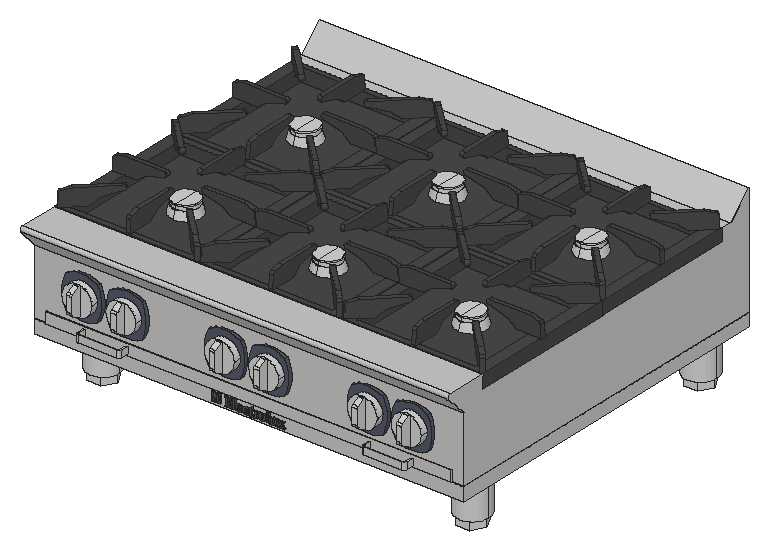
Revit family "QF_ELECTROLUXPROFESSIONAL_169132_ACG36T", category Specialty Equipment, Revit 2018 (continued)
Forms (in)
  Extrusion 88, solid, material "QF_Finishes_Handrails and Railings"
    sketch origin (36, -0.08156, 0) x (0, 1, 0) y (0, 0, -1)
      loop
        line (-30.7208, -9.61954) -> (-30.63924, -9.61954) -> (-30.63924, -7.31125) -> (-30.7208, -7.31125) -> (-31.27282, -7.62384)
        arc (-31.27282, -7.62384) -> (-31.37661, -7.72631) -> (-31.41471, -7.86711) r 0.27972
        line (-31.41471, -7.86711) -> (-31.41533, -9.12681)
        arc (-31.41533, -9.12681) -> (-31.39236, -9.21203) -> (-31.32961, -9.27409) r 0.16924
        line (-31.32961, -9.27409) -> (-30.7208, -9.61954)
    from 7.63866 to 8.09484
  Extrusion 89, solid, material "QF_Finishes_Stainless Steel"
    sketch origin (24, 0, 0) x (1, 0, 0) y (0, 1, 0)
      loop
        line (4.14807, -30.06107) -> (4.14807, -30.63839)
        arc (4.14807, -30.63839) -> (4.2213, -30.81517) -> (4.39807, -30.88839) r 0.25
        line (4.39807, -30.88839) -> (7.60673, -30.88839)
        arc (7.60673, -30.88839) -> (7.78351, -30.81517) -> (7.85673, -30.63839) r 0.25
        line (7.85673, -30.63839) -> (7.85673, -30.06107) -> (7.73173, -30.06107) -> (7.73173, -30.63839)
        arc (7.73173, -30.63839) -> (7.69512, -30.72678) -> (7.60673, -30.76339) r 0.125
        line (7.60673, -30.76339) -> (4.39807, -30.76339)
        arc (4.39807, -30.76339) -> (4.30968, -30.72678) -> (4.27307, -30.63839) r 0.125
        line (4.27307, -30.63839) -> (4.27307, -30.06107) -> (4.14807, -30.06107)
    from 5.46007 to 6.02609
  Extrusion 90, solid, material "QF_Finishes_Black"
    sketch origin (39.03247, -15.61547, 0.87587) x (0, -1, 0) y (0, 0, 1)
      loop
        line (11.03315, 13.42509) -> (7.66123, 13.42509)
        arc (7.66123, 13.42509) -> (7.46568, 13.25445) -> (7.60826, 13.03759) r 0.19737
        line (7.60826, 13.03759) -> (9.18152, 12.59928) -> (9.9716, 12) -> (12.01256, 12) -> (11.95626, 13.03934)
        arc (11.95626, 13.03934) -> (11.91054, 13.15724) -> (11.80402, 13.2254) r 0.20358
        line (11.80402, 13.2254) -> (11.03315, 13.42509)
    from 8.86514 to 9.19979
  Extrusion 91, solid, material "QF_Finishes_Black"
    sketch origin (39.03247, -27.61547, 0.87587) x (0, 1, 0) y (0, 0, -1)
      loop
        line (11.03315, -13.42509) -> (11.80402, -13.2254)
        arc (11.80402, -13.2254) -> (11.91054, -13.15724) -> (11.95626, -13.03934) r 0.20358
        line (11.95626, -13.03934) -> (12.01256, -12) -> (9.9716, -12) -> (9.18152, -12.59928) -> (7.60826, -13.03759)
        arc (7.60826, -13.03759) -> (7.46568, -13.25445) -> (7.66123, -13.42509) r 0.19737
        line (7.66123, -13.42509) -> (11.03315, -13.42509)
    from 8.86514 to 9.19979
  Extrusion 92, solid, material "QF_Finishes_Black"
    sketch origin (39.03247, -3.03247, 0.87587) x (0, -1, 0) y (0, 0, 1)
      loop
        line (11.03315, 13.42509) -> (7.66123, 13.42509)
        arc (7.66123, 13.42509) -> (7.46568, 13.25445) -> (7.60826, 13.03759) r 0.19737
        line (7.60826, 13.03759) -> (9.18152, 12.59928) -> (9.9716, 12) -> (12.01256, 12) -> (11.95626, 13.03934)
        arc (11.95626, 13.03934) -> (11.91054, 13.15724) -> (11.80402, 13.2254) r 0.20358
        line (11.80402, 13.2254) -> (11.03315, 13.42509)
    from 8.86514 to 9.19979
  Extrusion 93, solid, material "QF_Finishes_Black"
    sketch origin (39.03247, -15.03247, 0.87587) x (0, 1, 0) y (0, 0, -1)
      loop
        line (11.03315, -13.42509) -> (11.80402, -13.2254)
        arc (11.80402, -13.2254) -> (11.91054, -13.15724) -> (11.95626, -13.03934) r 0.20358
        line (11.95626, -13.03934) -> (12.01256, -12) -> (9.9716, -12) -> (9.18152, -12.59928) -> (7.60826, -13.03759)
        arc (7.60826, -13.03759) -> (7.46568, -13.25445) -> (7.66123, -13.42509) r 0.19737
        line (7.66123, -13.42509) -> (11.03315, -13.42509)
    from 8.86514 to 9.19979
Lines and regions (in)
  symbolic lines
    curve 1: line (0, -31.49359, 0) -> (36, -31.49359, 0)
    curve 2: line (0, 0, 0) -> (0, -31.49359, 0)
    curve 3: line (36, 0, 0) -> (0, 0, 0)
    curve 4: line (36, -31.49359, 0) -> (36, 0, 0)
    curve 5: line (36, -1.88863, 0) -> (0, -1.88863, 0)
    curve 6: line (36, -2.73705, 0) -> (0, -2.73705, 0)
    curve 7: line (36, -15.30609, 0) -> (0, -15.30609, 0)
    curve 8: line (36, -27.90964, 0) -> (0, -27.90964, 0)
    curve 9: line (3.36344, -18.46325, 0) -> (0.26473, -15.36454, 0)
    curve 10: line (0.0281, -15.60117, 0) -> (3.12681, -18.69988, 0)
    curve 11: line (0.72065, -16.29371, 0) -> (0.95728, -16.05708, 0)
    curve 12: line (0.0281, -15.60117, 0) -> (0.26473, -15.36454, 0)
    curve 13: line (5.83268, -16.58232, 0) -> (6.16732, -16.58232, 0)
    curve 14: line (5.83268, -15.60291, 0) -> (6.16732, -15.60291, 0)
    curve 15: line (6.16732, -19.98486, 0) -> (6.16732, -15.60291, 0)
    curve 16: line (5.83268, -15.60291, 0) -> (5.83268, -19.98486, 0)
    curve 17: line (11.73527, -15.36454, 0) -> (8.6342, -18.4656, 0)
    curve 18: line (11.04272, -16.05708, 0) -> (11.27935, -16.29371, 0)
    curve 19: line (11.73527, -15.36454, 0) -> (11.9719, -15.60117, 0)
    curve 20: line (8.87083, -18.70223, 0) -> (11.9719, -15.60117, 0)
    curve 21: line (12.01256, -21.44815, 0) -> (7.62845, -21.44815, 0)
    curve 22: line (7.62845, -21.78279, 0) -> (12.01256, -21.78279, 0)
    curve 23: line (11.03315, -21.44815, 0) -> (11.03315, -21.78279, 0)
    curve 24: line (11.27935, -26.93723, 0) -> (11.04272, -27.17386, 0)
    curve 25: line (11.9719, -27.62978, 0) -> (8.87497, -24.53285, 0)
    curve 26: line (8.63834, -24.76948, 0) -> (11.73527, -27.86641, 0)
    curve 27: line (11.9719, -27.62978, 0) -> (11.73527, -27.86641, 0)
    curve 28: line (6.16732, -27.62803, 0) -> (6.16732, -23.25938, 0)
    curve 29: line (6.16732, -26.64862, 0) -> (5.83268, -26.64862, 0)
    curve 30: line (5.83268, -23.25938, 0) -> (5.83268, -27.62803, 0)
    curve 31: line (6.16732, -27.62803, 0) -> (5.83268, -27.62803, 0)
    curve 32: line (0.26473, -27.86641, 0) -> (3.37409, -24.75704, 0)
    curve 33: line (3.13746, -24.52041, 0) -> (0.0281, -27.62978, 0)
    curve 34: line (0.95728, -27.17386, 0) -> (0.72065, -26.93723, 0)
    curve 35: line (0.26473, -27.86641, 0) -> (0.0281, -27.62978, 0)
    curve 36: line (-0.01256, -21.78279, 0) -> (4.37462, -21.78279, 0)
    curve 37: line (4.37462, -21.44815, 0) -> (-0.01256, -21.44815, 0)
    curve 38: line (0.96685, -21.78279, 0) -> (0.96685, -21.44815, 0)
    curve 39: arc (7.62845, -21.44815, 0) -> (7.46113, -21.61547, 0) -> (7.62845, -21.78279, 0) r 0.16732
    curve 40: arc (8.6342, -18.4656, 0) -> (8.6342, -18.70223, 0) -> (8.87083, -18.70223, 0) r 0.16732
    curve 41: arc (5.83268, -19.98486, 0) -> (6, -20.15219, 0) -> (6.16732, -19.98486, 0) r 0.16732
    curve 42: arc (3.12681, -18.69988, 0) -> (3.36344, -18.69988, 0) -> (3.36344, -18.46325, 0) r 0.16732
    curve 43: arc (4.37462, -21.78279, 0) -> (4.54194, -21.61547, 0) -> (4.37462, -21.44815, 0) r 0.16732
    curve 44: arc (3.37409, -24.75704, 0) -> (3.37409, -24.52041, 0) -> (3.13746, -24.52041, 0) r 0.16732
    curve 45: arc (6.16732, -23.25938, 0) -> (6, -23.09206, 0) -> (5.83268, -23.25938, 0) r 0.16732
    curve 46: arc (8.87497, -24.53285, 0) -> (8.63834, -24.53285, 0) -> (8.63834, -24.76948, 0) r 0.16732
    curve 47: line (1.00352, -15.83627, 0) -> (1.00352, -16.10333, 0)
    curve 48: line (1.00352, -15.83627, 0) -> (5.83268, -15.83627, 0)
    curve 49: line (11.02362, -15.83627, 0) -> (6.16732, -15.83627, 0)
    curve 50: line (11.02362, -15.83627, 0) -> (11.02362, -16.07618, 0)
    curve 51: line (11.02362, -16.54944, 0) -> (11.02362, -21.44815, 0)
    curve 52: line (11.02362, -21.78279, 0) -> (11.02362, -26.6815, 0)
    curve 53: line (11.02362, -27.15476, 0) -> (11.02362, -27.39926, 0)
    curve 54: line (11.02362, -27.39926, 0) -> (6.16732, -27.39926, 0)
    curve 55: line (1.00352, -27.39926, 0) -> (5.83268, -27.39926, 0)
    curve 56: line (1.00352, -27.39926, 0) -> (1.00352, -27.12761, 0)
    curve 57: line (1.00352, -26.65435, 0) -> (1.00352, -21.78279, 0)
    curve 58: line (1.00352, -21.44815, 0) -> (1.00352, -16.57659, 0)
    curve 59: line (36, -15.3406, 0) -> (0, -15.3406, 0)
    curve 60: line (3.36344, -5.89421, 0) -> (0.26473, -2.7955, 0)
    curve 61: line (0.0281, -3.03213, 0) -> (3.12681, -6.13084, 0)
    curve 62: line (0.72065, -3.72468, 0) -> (0.95728, -3.48805, 0)
    curve 63: line (0.0281, -3.03213, 0) -> (0.26473, -2.7955, 0)
    curve 64: line (5.83268, -4.01328, 0) -> (6.16732, -4.01328, 0)
    curve 65: line (5.83268, -3.03387, 0) -> (6.16732, -3.03387, 0)
    curve 66: line (6.16732, -7.41582, 0) -> (6.16732, -3.03387, 0)
    curve 67: line (5.83268, -3.03387, 0) -> (5.83268, -7.41582, 0)
    curve 68: line (11.73527, -2.7955, 0) -> (8.6342, -5.89656, 0)
    curve 69: line (11.04272, -3.48805, 0) -> (11.27935, -3.72468, 0)
    curve 70: line (11.73527, -2.7955, 0) -> (11.9719, -3.03213, 0)
    curve 71: line (8.87083, -6.1332, 0) -> (11.9719, -3.03213, 0)
    curve 72: line (12.01256, -8.87911, 0) -> (7.62845, -8.87911, 0)
    curve 73: line (7.62845, -9.21376, 0) -> (12.01256, -9.21376, 0)
    curve 74: line (11.03315, -8.87911, 0) -> (11.03315, -9.21376, 0)
    curve 75: line (11.27935, -14.36819, 0) -> (11.04272, -14.60482, 0)
    curve 76: line (11.9719, -15.06074, 0) -> (8.87497, -11.96381, 0)
    curve 77: line (8.63834, -12.20044, 0) -> (11.73527, -15.29737, 0)
    curve 78: line (11.9719, -15.06074, 0) -> (11.73527, -15.29737, 0)
    curve 79: line (6.16732, -15.059, 0) -> (6.16732, -10.69035, 0)
    curve 80: line (6.16732, -14.07958, 0) -> (5.83268, -14.07958, 0)
    curve 81: line (5.83268, -10.69035, 0) -> (5.83268, -15.059, 0)
    curve 82: line (6.16732, -15.059, 0) -> (5.83268, -15.059, 0)
    curve 83: line (0.25601, -15.30609, 0) -> (3.37409, -12.18801, 0)
    curve 84: line (3.13746, -11.95137, 0) -> (0.0281, -15.06074, 0)
    curve 85: line (0.95728, -14.60482, 0) -> (0.72065, -14.36819, 0)
    curve 86: line (0.27345, -15.30609, 0) -> (0.0281, -15.06074, 0)
    curve 87: line (-0.01256, -9.21376, 0) -> (4.37462, -9.21376, 0)
    curve 88: line (4.37462, -8.87911, 0) -> (-0.01256, -8.87911, 0)
    curve 89: line (0.96685, -9.21376, 0) -> (0.96685, -8.87911, 0)
    curve 90: arc (7.62845, -8.87911, 0) -> (7.46113, -9.04643, 0) -> (7.62845, -9.21376, 0) r 0.16732
    curve 91: arc (8.6342, -5.89656, 0) -> (8.6342, -6.1332, 0) -> (8.87083, -6.1332, 0) r 0.16732
    curve 92: arc (5.83268, -7.41582, 0) -> (6, -7.58315, 0) -> (6.16732, -7.41582, 0) r 0.16732
    curve 93: arc (3.12681, -6.13084, 0) -> (3.36344, -6.13084, 0) -> (3.36344, -5.89421, 0) r 0.16732
    curve 94: arc (4.37462, -9.21376, 0) -> (4.54194, -9.04643, 0) -> (4.37462, -8.87911, 0) r 0.16732
    curve 95: arc (3.37409, -12.18801, 0) -> (3.37409, -11.95137, 0) -> (3.13746, -11.95137, 0) r 0.16732
    curve 96: arc (6.16732, -10.69035, 0) -> (6, -10.52302, 0) -> (5.83268, -10.69035, 0) r 0.16732
    curve 97: arc (8.87497, -11.96381, 0) -> (8.63834, -11.96381, 0) -> (8.63834, -12.20044, 0) r 0.16732
    curve 98: line (1.00352, -3.26724, 0) -> (1.00352, -3.53429, 0)
    curve 99: line (1.00352, -3.26724, 0) -> (5.83268, -3.26724, 0)
    curve 100: line (11.02362, -3.26724, 0) -> (6.16732, -3.26724, 0)
    curve 101: line (11.02362, -3.26724, 0) -> (11.02362, -3.50715, 0)
    curve 102: line (11.02362, -3.98041, 0) -> (11.02362, -8.87911, 0)
    curve 103: line (11.02362, -9.21376, 0) -> (11.02362, -14.11246, 0)
    curve 104: line (11.02362, -14.58572, 0) -> (11.02362, -14.83023, 0)
    curve 105: line (11.02362, -14.83023, 0) -> (6.16732, -14.83023, 0)
    curve 106: line (1.00352, -14.83023, 0) -> (5.83268, -14.83023, 0)
    curve 107: line (1.00352, -14.83023, 0) -> (1.00352, -14.55858, 0)
    curve 108: line (1.00352, -14.08531, 0) -> (1.00352, -9.21376, 0)
    curve 109: line (1.00352, -8.87911, 0) -> (1.00352, -4.00755, 0)
    curve 113: line (15.36344, -18.46325, 0) -> (12.26473, -15.36454, 0)
    curve 114: line (12.0281, -15.60117, 0) -> (15.12681, -18.69988, 0)
    curve 115: line (12.72065, -16.29371, 0) -> (12.95728, -16.05708, 0)
    curve 116: line (12.0281, -15.60117, 0) -> (12.26473, -15.36454, 0)
    curve 117: line (17.83268, -16.58232, 0) -> (18.16732, -16.58232, 0)
    curve 118: line (17.83268, -15.60291, 0) -> (18.16732, -15.60291, 0)
    curve 119: line (18.16732, -19.98486, 0) -> (18.16732, -15.60291, 0)
    curve 120: line (17.83268, -15.60291, 0) -> (17.83268, -19.98486, 0)
    curve 121: line (23.73527, -15.36454, 0) -> (20.6342, -18.4656, 0)
    curve 122: line (23.04272, -16.05708, 0) -> (23.27935, -16.29371, 0)
    curve 123: line (23.73527, -15.36454, 0) -> (23.9719, -15.60117, 0)
    curve 124: line (20.87083, -18.70223, 0) -> (23.9719, -15.60117, 0)
    curve 125: line (24.01256, -21.44815, 0) -> (19.62845, -21.44815, 0)
    curve 126: line (19.62845, -21.78279, 0) -> (24.01256, -21.78279, 0)
    curve 127: line (23.03315, -21.44815, 0) -> (23.03315, -21.78279, 0)
    curve 128: line (23.27935, -26.93723, 0) -> (23.02362, -27.19296, 0)
    curve 129: line (23.9719, -27.62978, 0) -> (20.87497, -24.53285, 0)
    curve 130: line (20.63834, -24.76948, 0) -> (23.73527, -27.86641, 0)
    curve 131: line (23.9719, -27.62978, 0) -> (23.73527, -27.86641, 0)
    curve 132: line (18.16732, -27.62803, 0) -> (18.16732, -23.25938, 0)
    curve 133: line (18.16732, -26.64862, 0) -> (17.83268, -26.64862, 0)
    curve 134: line (17.83268, -23.25938, 0) -> (17.83268, -27.62803, 0)
    curve 135: line (18.16732, -27.62803, 0) -> (17.83268, -27.62803, 0)
    curve 136: line (12.26473, -27.86641, 0) -> (15.37409, -24.75704, 0)
    curve 137: line (15.13746, -24.52041, 0) -> (12.0281, -27.62978, 0)
    curve 138: line (12.95728, -27.17386, 0) -> (12.72065, -26.93723, 0)
    curve 139: line (12.26473, -27.86641, 0) -> (12.0281, -27.62978, 0)
    curve 140: line (12.01256, -21.78279, 0) -> (16.37462, -21.78279, 0)
    curve 141: line (16.37462, -21.44815, 0) -> (12.01256, -21.44815, 0)
    curve 142: line (12.96685, -21.78279, 0) -> (12.96685, -21.44815, 0)
    curve 143: arc (19.62845, -21.44815, 0) -> (19.46113, -21.61547, 0) -> (19.62845, -21.78279, 0) r 0.16732
    curve 144: arc (20.6342, -18.4656, 0) -> (20.6342, -18.70223, 0) -> (20.87083, -18.70223, 0) r 0.16732
    curve 145: arc (17.83268, -19.98486, 0) -> (18, -20.15219, 0) -> (18.16732, -19.98486, 0) r 0.16732
    curve 146: arc (15.12681, -18.69988, 0) -> (15.36344, -18.69988, 0) -> (15.36344, -18.46325, 0) r 0.16732
    curve 147: arc (16.37462, -21.78279, 0) -> (16.54194, -21.61547, 0) -> (16.37462, -21.44815, 0) r 0.16732
    curve 148: arc (15.37409, -24.75704, 0) -> (15.37409, -24.52041, 0) -> (15.13746, -24.52041, 0) r 0.16732
    curve 149: arc (18.16732, -23.25938, 0) -> (18, -23.09206, 0) -> (17.83268, -23.25938, 0) r 0.16732
    curve 150: arc (20.87497, -24.53285, 0) -> (20.63834, -24.53285, 0) -> (20.63834, -24.76948, 0) r 0.16732
    curve 151: line (13.00352, -15.83627, 0) -> (13.00352, -16.10333, 0)
    curve 152: line (13.00352, -15.83627, 0) -> (17.83268, -15.83627, 0)
    curve 153: line (23.02362, -15.83627, 0) -> (18.16732, -15.83627, 0)
    curve 154: line (23.02362, -15.83627, 0) -> (23.02362, -16.07618, 0)
    curve 155: line (23.02362, -16.54944, 0) -> (23.02362, -21.44815, 0)
    curve 156: line (23.02362, -21.78279, 0) -> (23.02362, -26.6815, 0)
    curve 157: line (23.02362, -27.19296, 0) -> (23.02362, -27.39926, 0)
    curve 158: line (23.02362, -27.39926, 0) -> (18.16732, -27.39926, 0)
    curve 159: line (13.00352, -27.39926, 0) -> (17.83268, -27.39926, 0)
    curve 160: line (13.00352, -27.39926, 0) -> (13.00352, -27.12761, 0)
    curve 161: line (13.00352, -26.65435, 0) -> (13.00352, -21.78279, 0)
    curve 162: line (13.00352, -21.44815, 0) -> (13.00352, -16.57659, 0)
    curve 163: line (15.36344, -5.89421, 0) -> (12.26473, -2.7955, 0)
    curve 164: line (12.0281, -3.03213, 0) -> (15.12681, -6.13084, 0)
    curve 165: line (12.72065, -3.72468, 0) -> (12.95728, -3.48805, 0)
    curve 166: line (12.0281, -3.03213, 0) -> (12.26473, -2.7955, 0)
    curve 167: line (17.83268, -4.01328, 0) -> (18.16732, -4.01328, 0)
    curve 168: line (17.83268, -3.03387, 0) -> (18.16732, -3.03387, 0)
    curve 169: line (18.16732, -7.41582, 0) -> (18.16732, -3.03387, 0)
    curve 170: line (17.83268, -3.03387, 0) -> (17.83268, -7.41582, 0)
    curve 171: line (23.73527, -2.7955, 0) -> (20.6342, -5.89656, 0)
    curve 172: line (23.04272, -3.48805, 0) -> (23.27935, -3.72468, 0)
    curve 173: line (23.73527, -2.7955, 0) -> (23.9719, -3.03213, 0)
    curve 174: line (20.87083, -6.1332, 0) -> (23.9719, -3.03213, 0)
    curve 175: line (24.01256, -8.87911, 0) -> (19.62845, -8.87911, 0)
    curve 176: line (19.62845, -9.21376, 0) -> (24.01256, -9.21376, 0)
    curve 177: line (23.03315, -8.87911, 0) -> (23.03315, -9.21376, 0)
    curve 178: line (23.27935, -14.36819, 0) -> (23.04272, -14.60482, 0)
    curve 179: line (23.9719, -15.06074, 0) -> (20.87497, -11.96381, 0)
    curve 180: line (20.63834, -12.20044, 0) -> (23.73527, -15.29737, 0)
    curve 181: line (23.9719, -15.06074, 0) -> (23.73527, -15.29737, 0)
    curve 182: line (18.16732, -15.059, 0) -> (18.16732, -10.69035, 0)
    curve 183: line (18.16732, -14.07958, 0) -> (17.83268, -14.07958, 0)
    curve 184: line (17.83268, -10.69035, 0) -> (17.83268, -15.059, 0)
    curve 185: line (18.16732, -15.059, 0) -> (17.83268, -15.059, 0)
    curve 186: line (12.25601, -15.30609, 0) -> (15.37409, -12.18801, 0)
    curve 187: line (15.13746, -11.95137, 0) -> (12.0281, -15.06074, 0)
    curve 188: line (12.95728, -14.60482, 0) -> (12.72065, -14.36819, 0)
    curve 189: line (12.27345, -15.30609, 0) -> (12.0281, -15.06074, 0)
    curve 190: line (12.01256, -9.21376, 0) -> (16.37462, -9.21376, 0)
    curve 191: line (16.37462, -8.87911, 0) -> (12.01256, -8.87911, 0)
    curve 192: line (12.96685, -9.21376, 0) -> (12.96685, -8.87911, 0)
    curve 193: arc (19.62845, -8.87911, 0) -> (19.46113, -9.04643, 0) -> (19.62845, -9.21376, 0) r 0.16732
    curve 194: arc (20.6342, -5.89656, 0) -> (20.6342, -6.1332, 0) -> (20.87083, -6.1332, 0) r 0.16732
    curve 195: arc (17.83268, -7.41582, 0) -> (18, -7.58315, 0) -> (18.16732, -7.41582, 0) r 0.16732
    curve 196: arc (15.12681, -6.13084, 0) -> (15.36344, -6.13084, 0) -> (15.36344, -5.89421, 0) r 0.16732
    curve 197: arc (16.37462, -9.21376, 0) -> (16.54194, -9.04643, 0) -> (16.37462, -8.87911, 0) r 0.16732
    curve 198: arc (15.37409, -12.18801, 0) -> (15.37409, -11.95137, 0) -> (15.13746, -11.95137, 0) r 0.16732
    curve 199: arc (18.16732, -10.69035, 0) -> (18, -10.52302, 0) -> (17.83268, -10.69035, 0) r 0.16732
    curve 200: arc (20.87497, -11.96381, 0) -> (20.63834, -11.96381, 0) -> (20.63834, -12.20044, 0) r 0.16732
    curve 201: line (13.00352, -3.26724, 0) -> (13.00352, -3.53429, 0)
    curve 202: line (13.00352, -3.26724, 0) -> (17.83268, -3.26724, 0)
    curve 203: line (23.02362, -3.26724, 0) -> (18.16732, -3.26724, 0)
    curve 204: line (23.02362, -3.26724, 0) -> (23.02362, -3.50715, 0)
    curve 205: line (23.02362, -3.98041, 0) -> (23.02362, -8.87911, 0)
    curve 206: line (23.02362, -9.21376, 0) -> (23.02362, -14.11246, 0)
    curve 207: line (23.02362, -14.58572, 0) -> (23.02362, -14.83023, 0)
    curve 208: line (23.02362, -14.83023, 0) -> (18.16732, -14.83023, 0)
    curve 209: line (13.00352, -14.83023, 0) -> (17.83268, -14.83023, 0)
    curve 210: line (13.00352, -14.83023, 0) -> (13.00352, -14.55858, 0)
    curve 211: line (13.00352, -14.08531, 0) -> (13.00352, -9.21376, 0)
    curve 212: line (13.00352, -8.87911, 0) -> (13.00352, -4.00755, 0)
    curve 213: line (27.36344, -18.46325, 0) -> (24.26473, -15.36454, 0)
    curve 214: line (24.0281, -15.60117, 0) -> (27.12681, -18.69988, 0)
    curve 215: line (24.72065, -16.29371, 0) -> (24.95728, -16.05708, 0)
    curve 216: line (24.0281, -15.60117, 0) -> (24.26473, -15.36454, 0)
    curve 217: line (29.83268, -16.58232, 0) -> (30.16732, -16.58232, 0)
    curve 218: line (29.83268, -15.60291, 0) -> (30.16732, -15.60291, 0)
    curve 219: line (30.16732, -19.98486, 0) -> (30.16732, -15.60291, 0)
    curve 220: line (29.83268, -15.60291, 0) -> (29.83268, -19.98486, 0)
    curve 221: line (35.73527, -15.36454, 0) -> (32.6342, -18.4656, 0)
    curve 222: line (35.04272, -16.05708, 0) -> (35.27935, -16.29371, 0)
    curve 223: line (35.73527, -15.36454, 0) -> (35.9719, -15.60117, 0)
    curve 224: line (32.87083, -18.70223, 0) -> (35.9719, -15.60117, 0)
    curve 225: line (36.01256, -21.44815, 0) -> (31.62845, -21.44815, 0)
    curve 226: line (31.62845, -21.78279, 0) -> (36.01256, -21.78279, 0)
    curve 227: line (35.03315, -21.44815, 0) -> (35.03315, -21.78279, 0)
    curve 228: line (35.27935, -26.93723, 0) -> (35.02362, -27.19296, 0)
    curve 229: line (35.9719, -27.62978, 0) -> (32.87497, -24.53285, 0)
    curve 230: line (32.63834, -24.76948, 0) -> (35.73527, -27.86641, 0)
    curve 231: line (35.9719, -27.62978, 0) -> (35.73527, -27.86641, 0)
    curve 232: line (30.16732, -27.62803, 0) -> (30.16732, -23.25938, 0)
    curve 233: line (30.16732, -26.64862, 0) -> (29.83268, -26.64862, 0)
    curve 234: line (29.83268, -23.25938, 0) -> (29.83268, -27.62803, 0)
    curve 235: line (30.16732, -27.62803, 0) -> (29.83268, -27.62803, 0)
    curve 236: line (24.26473, -27.86641, 0) -> (27.37409, -24.75704, 0)
    curve 237: line (27.13746, -24.52041, 0) -> (24.0281, -27.62978, 0)
    curve 238: line (24.95728, -27.17386, 0) -> (24.72065, -26.93723, 0)
    curve 239: line (24.26473, -27.86641, 0) -> (24.0281, -27.62978, 0)
    curve 240: line (24.01256, -21.78279, 0) -> (28.37462, -21.78279, 0)
    curve 241: line (28.37462, -21.44815, 0) -> (24.01256, -21.44815, 0)
    curve 242: line (24.96685, -21.78279, 0) -> (24.96685, -21.44815, 0)
    curve 243: arc (31.62845, -21.44815, 0) -> (31.46113, -21.61547, 0) -> (31.62845, -21.78279, 0) r 0.16732
    curve 244: arc (32.6342, -18.4656, 0) -> (32.6342, -18.70223, 0) -> (32.87083, -18.70223, 0) r 0.16732
    curve 245: arc (29.83268, -19.98486, 0) -> (30, -20.15219, 0) -> (30.16732, -19.98486, 0) r 0.16732
    curve 246: arc (27.12681, -18.69988, 0) -> (27.36344, -18.69988, 0) -> (27.36344, -18.46325, 0) r 0.16732
    curve 247: arc (28.37462, -21.78279, 0) -> (28.54194, -21.61547, 0) -> (28.37462, -21.44815, 0) r 0.16732
    curve 248: arc (27.37409, -24.75704, 0) -> (27.37409, -24.52041, 0) -> (27.13746, -24.52041, 0) r 0.16732
    curve 249: arc (30.16732, -23.25938, 0) -> (30, -23.09206, 0) -> (29.83268, -23.25938, 0) r 0.16732
    curve 250: arc (32.87497, -24.53285, 0) -> (32.63834, -24.53285, 0) -> (32.63834, -24.76948, 0) r 0.16732
    curve 251: line (25.00352, -15.83627, 0) -> (25.00352, -16.10333, 0)
    curve 252: line (25.00352, -15.83627, 0) -> (29.83268, -15.83627, 0)
    curve 253: line (35.02362, -15.83627, 0) -> (30.16732, -15.83627, 0)
    curve 254: line (35.02362, -15.83627, 0) -> (35.02362, -16.07618, 0)
    curve 255: line (35.02362, -16.54944, 0) -> (35.02362, -21.44815, 0)
    curve 256: line (35.02362, -21.78279, 0) -> (35.02362, -26.6815, 0)
    curve 257: line (35.02362, -27.19296, 0) -> (35.02362, -27.39926, 0)
    curve 258: line (35.02362, -27.39926, 0) -> (30.16732, -27.39926, 0)
    curve 259: line (25.00352, -27.39926, 0) -> (29.83268, -27.39926, 0)
    curve 260: line (25.00352, -27.39926, 0) -> (25.00352, -27.12761, 0)
    curve 261: line (25.00352, -26.65435, 0) -> (25.00352, -21.78279, 0)
    curve 262: line (25.00352, -21.44815, 0) -> (25.00352, -16.57659, 0)
    curve 263: line (27.36344, -5.89421, 0) -> (24.26473, -2.7955, 0)
    curve 264: line (24.0281, -3.03213, 0) -> (27.12681, -6.13084, 0)
    curve 265: line (24.72065, -3.72468, 0) -> (24.95728, -3.48805, 0)
    curve 266: line (24.0281, -3.03213, 0) -> (24.26473, -2.7955, 0)
    curve 267: line (29.83268, -4.01328, 0) -> (30.16732, -4.01328, 0)
    curve 268: line (29.83268, -3.03387, 0) -> (30.16732, -3.03387, 0)
    curve 269: line (30.16732, -7.41582, 0) -> (30.16732, -3.03387, 0)
    curve 270: line (29.83268, -3.03387, 0) -> (29.83268, -7.41582, 0)
    curve 271: line (35.73527, -2.7955, 0) -> (32.6342, -5.89656, 0)
    curve 272: line (35.04272, -3.48805, 0) -> (35.27935, -3.72468, 0)
    curve 273: line (35.73527, -2.7955, 0) -> (35.9719, -3.03213, 0)
    curve 274: line (32.87083, -6.1332, 0) -> (35.9719, -3.03213, 0)
    curve 275: line (36.01256, -8.87911, 0) -> (31.62845, -8.87911, 0)
    curve 276: line (31.62845, -9.21376, 0) -> (36.01256, -9.21376, 0)
    curve 277: line (35.03315, -8.87911, 0) -> (35.03315, -9.21376, 0)
    curve 278: line (35.27935, -14.36819, 0) -> (35.04272, -14.60482, 0)
    curve 279: line (35.9719, -15.06074, 0) -> (32.87497, -11.96381, 0)
    curve 280: line (32.63834, -12.20044, 0) -> (35.73527, -15.29737, 0)
    curve 281: line (35.9719, -15.06074, 0) -> (35.73527, -15.29737, 0)
    curve 282: line (30.16732, -15.059, 0) -> (30.16732, -10.69035, 0)
    curve 283: line (30.16732, -14.07958, 0) -> (29.83268, -14.07958, 0)
    curve 284: line (29.83268, -10.69035, 0) -> (29.83268, -15.059, 0)
    curve 285: line (30.16732, -15.059, 0) -> (29.83268, -15.059, 0)
    curve 286: line (24.25601, -15.30609, 0) -> (27.37409, -12.18801, 0)
    curve 287: line (27.13746, -11.95137, 0) -> (24.0281, -15.06074, 0)
    curve 288: line (24.95728, -14.60482, 0) -> (24.72065, -14.36819, 0)
    curve 289: line (24.27345, -15.30609, 0) -> (24.0281, -15.06074, 0)
    curve 290: line (24.01256, -9.21376, 0) -> (28.37462, -9.21376, 0)
    curve 291: line (28.37462, -8.87911, 0) -> (24.01256, -8.87911, 0)
    curve 292: line (24.96685, -9.21376, 0) -> (24.96685, -8.87911, 0)
    curve 293: arc (31.62845, -8.87911, 0) -> (31.46113, -9.04643, 0) -> (31.62845, -9.21376, 0) r 0.16732
    curve 294: arc (32.6342, -5.89656, 0) -> (32.6342, -6.1332, 0) -> (32.87083, -6.1332, 0) r 0.16732
    curve 295: arc (29.83268, -7.41582, 0) -> (30, -7.58315, 0) -> (30.16732, -7.41582, 0) r 0.16732
    curve 296: arc (27.12681, -6.13084, 0) -> (27.36344, -6.13084, 0) -> (27.36344, -5.89421, 0) r 0.16732
    curve 297: arc (28.37462, -9.21376, 0) -> (28.54194, -9.04643, 0) -> (28.37462, -8.87911, 0) r 0.16732
    curve 298: arc (27.37409, -12.18801, 0) -> (27.37409, -11.95137, 0) -> (27.13746, -11.95137, 0) r 0.16732
    curve 299: arc (30.16732, -10.69035, 0) -> (30, -10.52302, 0) -> (29.83268, -10.69035, 0) r 0.16732
    curve 300: arc (32.87497, -11.96381, 0) -> (32.63834, -11.96381, 0) -> (32.63834, -12.20044, 0) r 0.16732
    curve 301: line (25.00352, -3.26724, 0) -> (25.00352, -3.53429, 0)
    curve 302: line (25.00352, -3.26724, 0) -> (29.83268, -3.26724, 0)
    curve 303: line (35.02362, -3.26724, 0) -> (30.16732, -3.26724, 0)
    curve 304: line (35.02362, -3.26724, 0) -> (35.02362, -3.50715, 0)
    curve 305: line (35.02362, -3.98041, 0) -> (35.02362, -8.87911, 0)
    curve 306: line (35.02362, -9.21376, 0) -> (35.02362, -14.11246, 0)
    curve 307: line (35.02362, -14.58572, 0) -> (35.02362, -14.83023, 0)
    curve 308: line (35.02362, -14.83023, 0) -> (30.16732, -14.83023, 0)
    curve 309: line (25.00352, -14.83023, 0) -> (29.83268, -14.83023, 0)
    curve 310: line (25.00352, -14.83023, 0) -> (25.00352, -14.55858, 0)
    curve 311: line (25.00352, -14.08531, 0) -> (25.00352, -9.21376, 0)
    curve 312: line (25.00352, -8.87911, 0) -> (25.00352, -4.00755, 0)
    curve 313: line (1.3125, 1, 0) -> (2.0625, 1, 0)
    curve 314: line (2.0625, 1, 0) -> (2.0625, 0, 0)
    curve 315: line (1.3125, 1, 0) -> (1.3125, 0, 0)
  symbolic lines, style "QF-Clearances", visible <- "Show Clearance", detail levels coarse
    curve 110: line (-10, 4, 0) -> (46, 4, 0)
    curve 111: line (-10, 4, 0) -> (-10, -31.49658, 0)
    curve 112: line (46, -31.49658, 0) -> (46, 4, 0)
Dimensions and locks (in)
  locked: plane 5 "FRONT" to plane 1 "BACK" at 31.49658
  plane 3 "LEFT" to plane 4 "RIGHT" = 36"
  plane 4 "RIGHT" to plane 3 "LEFT" = 36"
  plane 1 "BACK" to Extrusion 35 = 1"
  plane 6 "TOP" to level = 14 5/8"  (x2)
  plane 5 "FRONT" to plane 1 "BACK" = 31.49658"
  plane 6 "TOP" to Extrusion 1 = 1.74913"
  Extrusion 35 to level = 7 9/16"
  level to Extrusion 1 = 4.18837"
  Extrusion 1 to Extrusion 1 = 8 11/16"
  plane 1 "BACK" to plane 5 "FRONT" = 31.49658"
  Extrusion 2 to plane 5 "FRONT" = 5 5/8"
  plane 1 "BACK" to Extrusion 4 = 1 15/16"
  aligned and locked: level to plane 2
  aligned and locked: plane 4 "RIGHT" to Extrusion 1
Connectors (in)
  piping at (1.6875, 1, 7.5625), diameter 0.75
    settings: on Extrusion 35, index 1, connector inside diameter 3/4", connector length 0", flow factor 0, pipe flow 0 GPM, pressure drop 0.00 psi, fitting loss kfactor 0, connector angle 0.00°, fixture units 0, engagement length 0", angle of deflection 0.00°, flow configuration 1, flow direction 1, fitting loss method 0, system type 7, joint type 0, gender type 0, connector reference index -1, connector utility 0, adjustable connector no, is connector primary yes, connector description "Gas Connection"
